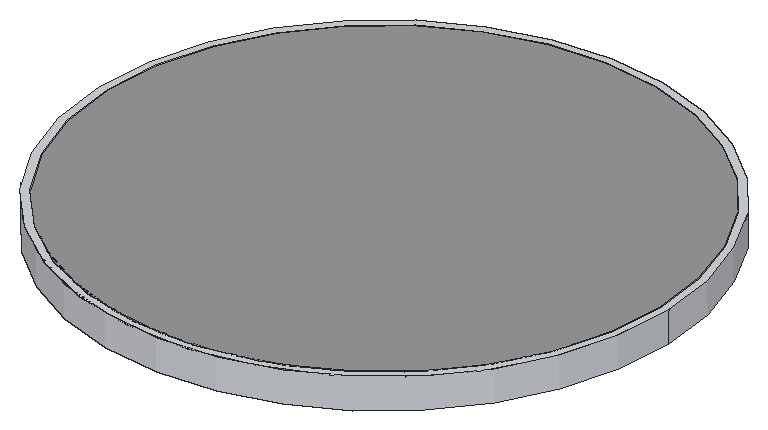
Revit family "2071293", category Lighting Fixtures, host Face, Revit 2018
Family settings
  Host = Face
  Round Connector Dimension = Use Diameter
  Part Type = Junction Box
  OmniClass Number = 23.80.70.00
  OmniClass Title = Lighting
  Cut with Voids When Loaded = No
  Light Source = Yes
  Shared = No
  Room Calculation Point = No
Parameters (values of type "2071293 COLOSSAL 1200 840 PR DIR WHT DALI")
  iner diameter = 1168 mm
  Weight = "n/a"
  Wattage Comments = ""
  Wattage = 30 W
  WarrantyStartDate [instance] = "n/a"
  WarrantyGuarantorParts = "n/a"
  WarrantyDurationUnit = "n/a"
  WarrantyDurationParts = ""
  WarrantyDescription = "http://www.sylvania-lighting.com"
  built-in parameter 1150110 = 1 (stored number, unit not read)
  Voltage = 230 V
  URL = "0.95"
  TypeName = "COLOSSAL 1200mm 840 PRISM DIR WHITE DALI"
  Type Image = <None>
  Type Comments = "n/a"
  built-in parameter 1114217 = 1 (stored number, unit not read)
  Tilt Angle = -90.00°
  built-in parameter 1150109 = 1 (stored number, unit not read)
  built-in parameter 1150134 = (empty or 0)
  built-in parameter 1150113 = 1 (stored number, unit not read)
  SerialNumber [instance] = "n/a"
  Photometric Web File = "2071293.ies"
  Material_3_SYL = LED-Sylvania
  PowerFactor = 0
  PowerConsumption = "Lighting"
  NominalLength = 1168 mm
  NominalHeight = 93 mm
  NominalDepth = 1168 mm
  Name = "COLOSSAL 1200mm 840 PRISM DIR WHITE DALI"
  ModelReference = Name  # "COLOSSAL 1200mm 840 PRISM DIR WHITE DALI"
  ModelNumber = "2071293"
  Model = Name  # "COLOSSAL 1200mm 840 PRISM DIR WHITE DALI"
  Material = "Feilo Sylvania"
  ManufacturerName = "141 lm/W"
  Manufacturer = ""
  LuminousEfficacy = ""
  built-in parameter 1150105 = 270.44 (stored number, unit not read)
  Lumens = 3398.4 lm
  LuminaireType = "0"
  built-in parameter 1150115 = 1 (stored number, unit not read)
  LightOutputRatio = "LED"
  built-in parameter 1150137 = (empty or 0)
  built-in parameter 1150139 = (empty or 0)
  LampsType = Lamp  # "n/a"
  LampNominalLuminous = "4000 K"
  LampMacAdamStep = "80"
  LampColourTemperature = "LED"
  LampColourRenderingIndex = "16500"
  built-in parameter 1150112 = 1 (stored number, unit not read)
  built-in parameter 1150114 = 1 (stored number, unit not read)
  Lamp = "n/a"
  Keynote = "n/a"
  InstallationDate [instance] = "n/a"
  InputVoltage = "0"
  InputNominalFrequency = "4000"
  built-in parameter 1150132 = (empty or 0)
  built-in parameter 1150102 = (empty or 0)
  built-in parameter 1150107 = 3000 (stored number, unit not read)
  built-in parameter 1150138 = (empty or 0)
  IngressProtection = "IfcLightFixtureType"
  ImpactProtectionIndex = "IfcLightFixtureType"
  built-in parameter 1150106 = 2.7044 (stored number, unit not read)
  IfcExportType = "IfcLightFixtureType"
  IfcExportAs = "Class I"
  Emit from Circle Diameter = 385 mm
  Emit Shape Visible in Rendering = no
  ElectricShockClassification = "141"
  built-in parameter 1150104 = 10.524 (stored number, unit not read)
  DocumentationLiterature = "http://www.sylvania-lighting.com/product/en-int/products/2071293"
  DimmingControlOptions = "n/a"
  Material_2_SYL = Polycarbonate_Sylvania_White
  Dimming Lamp Color Temperature Shift = <None>
  Description = "1200mm diameter circular architectural luminaire, can be surface mounted or suspended. Powder coated aluminium housing (RAL9016) with PMMA prismatic diffuser. Direct light distribution, 16510lm luminuous flux, 117.5W system power, 141lm/W luminiaire efficacy. DALI dimmable. Colour rendering index Ra >80, 4000K Neutral White LED, chromaticity tolerance of 3-step MacAdam ellipse. IP40/IP20, IK03. 350mA drive current. UGR≤19. Electrical protection Class1, 220-240V. Reported lifetime 66k hours L90B10."
  Default Elevation = 1219.2 mm
  CreatedOn = "23/03/2022"
  CreatedBy = "@sylvania-lighting.com"
  Cost = 0
  Color Filter = 16777215
  built-in parameter 1114216 [instance] = (empty or 0)
  ClassificationValue = "EF_70_80"
  ClassificationName = "Uniclass2015"
  Material_1_SYL = Polycarbonate_Sylvania_Opal
  BarCode [instance] = "n/a"
  built-in parameter 1114218 = 1 (stored number, unit not read)
  built-in parameter 1150133 = 10 (stored number, unit not read)
  AssetType = "Fixed"
  AssetIdentifier [instance] = "n/a"
  Assembly Code = "D5020200"
  Apparent Load = 117.5 VA
  Material_4_SYL = none
Reference planes
  plane 1 "Center (Front/Back)": y = 0
  plane 2: z = 0
  plane 3 "Center (Left/Right)": x = 0
  plane 4: z = 1.161
  plane 5: z = 16.161
  plane 6: y = 584
  plane 7: y = -584
  plane 8: x = 85
  plane 9: x = -85
  plane 10: through (0, 0, 1219.2) normal (0.5, 0.866, 0)
  plane 11: through (42.5, 73.612, 1219.2) normal (0.5, 0.866, 0)
  plane 12: through (-42.5, -73.612, 1219.2) normal (0.5, 0.866, 0)
  plane 13: through (0, 0, 1219.2) normal (0.5, -0.866, 0)
  plane 14: through (-42.5, 73.612, 1219.2) normal (0.5, -0.866, 0)
  plane 15: through (42.5, -73.612, 1219.2) normal (0.5, -0.866, 0)
  plane 16: z = 93
  plane 17: y = 584
  plane 18: y = -584
  plane 19: y = -429
  plane 20: x = -584
  plane 21: x = 584
Forms (mm)
  Extrusion 1, solid, detail levels medium+fine
    sketch origin (0, 0, 0) x (0.866025, -0.5, 0) y (0.5, 0.866025, 0)
      loop
        circle (-50, 86.603) r 22
    from 0 to 2
  Extrusion 2, solid, detail levels medium+fine
    sketch origin (0, 0, 0) x (0.866025, -0.5, 0) y (0.5, 0.866025, 0)
      loop
        circle (100, 0) r 22
      loop
        circle (-50, -86.603) r 22
    from 0 to 2
  Extrusion 3, solid, detail levels medium+fine
    sketch origin (0, 0, 0) x (1, 0, 0) y (0, 1, 0)
      loop
        circle (0, 0) r 584
    from 30 to 93
  Extrusion 4, void
    sketch origin (0, 0, 0) x (1, 0, 0) y (0, 1, 0)
      loop
        circle (0, 0) r 568
    from 96.588 to 37.292
  Extrusion 5, solid, material "Glass, White, High Luminance", detail levels fine
    sketch origin (0, 0, 0) x (1, 0, 0) y (0, 1, 0)
      loop
        circle (0, 0) r 568
    from 88.022 to 93
  Extrusion 6, solid, detail levels coarse
    sketch origin (0, 0, 0) x (1, 0, 0) y (0, 1, 0)
      loop
        line (-584, 584) -> (-584, -584) -> (584, -584) -> (584, 584) -> (-584, 584)
    from 0 to 93
  Blend 7, solid, detail levels medium+fine
    base sketch origin (-10.814, 11.299, 29.922) x (1, 0, 0) y (0, 1, 0)
      loop
        line (-402.654, -330.622) -> (397.346, -330.622) -> (482.346, -183.398) -> (82.346, 509.423) -> (-87.654, 509.423) -> (-487.654, -183.398) -> (-402.654, -330.622)
    top sketch origin (-10.814, 11.299, 29.922) x (1, 0, 0) y (0, 1, 0)
      loop
        line (-363.391, -306.496) -> (364.632, -306.496) -> (449.632, -159.272) -> (87.132, 468.597) -> (-82.868, 468.597) -> (-445.368, -159.272) -> (-363.391, -306.496)
    from 0 to -30
Cuts and joins
  Extrusion 4 cuts Extrusion 1
  Extrusion 4 cuts Extrusion 2
  Extrusion 4 cuts Extrusion 3
Lines and regions (mm)
  model lines, detail levels medium+fine
    curve 1: circle (0, 0, 0) r 155 normal (0, 0, 1)
  reference lines
    curve 2: circle (0, 0, 0) r 489 normal (0, 0, 1)
    curve 3: circle (0, 0, 0) r 521 normal (0, 0, 1)
    curve 4: line (0, 0, 0) -> (606.218, -350, 0)
    curve 5: line (0, 0, 0) -> (0, 825, 0)
    curve 6: line (0, 0, 0) -> (-623.538, -360, 0)
    curve 7: line (639.013, -270.785, 0) -> (85, 49.075, 0)
    curve 8: line (563.718, -423.612, 0) -> (0, -98.15, 0)
    curve 9: line (85, 49.075, 0) -> (85, 825, 0)
    curve 10: line (-85, 49.075, 0) -> (-85, 825, 0)
    curve 11: line (-85, 49.075, 0) -> (-666.038, -286.388, 0)
    curve 12: line (-581.038, -433.612, 0) -> (0, -98.15, 0)
Dimensions and locks
  plane 4 to level = 1.161 mm
  locked: plane 5 to plane 4 at 15
  "NominalDepth": plane 6 to plane 7
  plane 6 to plane 1 "Center (Front/Back)" to plane 7 = 584 mm, 584 mm
  "NominalHeight": level to plane 16
  equal spacing: plane 17, plane 1 "Center (Front/Back)", plane 18
  "NominalLength": plane 20 to plane 21
  equal spacing: plane 20, plane 3 "Center (Left/Right)", plane 21
  aligned and locked: plane 2 to host face
  aligned and locked: level to host face
  aligned and locked: plane 6 to Extrusion 6
Automatic sketch dimensions
  host sketch curve to host sketch curve = 2438.4 mm  (x2)
  Extrusion 1 sketch curve to plane 3 "Center (Left/Right)" = 0 mm
  Extrusion 1 sketch curve to plane 1 "Center (Front/Back)" = 100 mm
  plane 1 "Center (Front/Back)" to Extrusion 2 sketch curve = 50 mm
  Extrusion 2 sketch curve to plane 3 "Center (Left/Right)" = 86.603 mm
  Extrusion 2 sketch curve to Extrusion 2 sketch curve = 150 mm
  Extrusion 2 sketch curve to Extrusion 2 sketch curve = 86.603 mm
  plane 1 "Center (Front/Back)" to curve 1 = 0 mm
  curve 1 to plane 3 "Center (Left/Right)" = 0 mm
  plane 1 "Center (Front/Back)" to Extrusion 3 sketch curve = 0 mm
  Extrusion 3 sketch curve to plane 3 "Center (Left/Right)" = 0 mm
  plane 1 "Center (Front/Back)" to Extrusion 4 sketch curve = 0 mm
  Extrusion 4 sketch curve to plane 3 "Center (Left/Right)" = 0 mm
  plane 1 "Center (Front/Back)" to Extrusion 5 sketch curve = 0 mm
  Extrusion 5 sketch curve to plane 3 "Center (Left/Right)" = 0 mm
  curve 2 to curve 3 = 0 mm  (x2)
  curve 11 to plane 14 = 0 mm
  curve 6 to plane 13 = 0 mm
  curve 12 to plane 15 = 0 mm
  curve 10 to plane 9 = 0 mm
  curve 12 to plane 3 "Center (Left/Right)" = 0 mm
  plane 1 "Center (Front/Back)" to curve 3 = 0 mm
  curve 3 to plane 3 "Center (Left/Right)" = 0 mm
  curve 7 to plane 8 = 0 mm
  curve 11 to plane 10 = 0 mm
  curve 12 to plane 19 = 4.612 mm
  plane 19 to curve 6 = 69 mm
  plane 19 to curve 11 = 142.612 mm
  plane 19 to curve 8 = 5.388 mm
  plane 19 to curve 4 = 79 mm
  plane 19 to curve 7 = 158.215 mm
  plane 6 to curve 5 = 241 mm
  curve 10 to curve 5 = 0 mm
  curve 5 to curve 9 = 0 mm
  plane 1 "Center (Front/Back)" to curve 6 = 0 mm
  curve 6 to plane 3 "Center (Left/Right)" = 0 mm
  Extrusion 6 sketch curve to plane 7 = 0 mm
  Extrusion 6 sketch curve to plane 6 = 0 mm
  Blend 7 sketch curve to plane 6 = 756.098 mm  (x2)
  Blend 7 sketch curve to Blend 7 sketch curve = 85 mm
  plane 3 "Center (Left/Right)" to Blend 7 sketch curve = 386.532 mm
  plane 8 to Blend 7 sketch curve = 386.532 mm
  Blend 7 sketch curve to plane 6 = 63.278 mm
  Blend 7 sketch curve to plane 6 = 731.972 mm  (x2)
  Blend 7 sketch curve to Blend 7 sketch curve = 81.977 mm
  plane 3 "Center (Left/Right)" to Blend 7 sketch curve = 353.818 mm
  plane 8 to Blend 7 sketch curve = 353.818 mm
  Blend 7 sketch curve to plane 6 = 104.104 mm
  plane 12 to curve 8 = 0 mm
  plane 19 to Blend 7 sketch curve = 109.677 mm
  plane 19 to Blend 7 sketch curve = 133.803 mm
  plane 8 to Extrusion 6 sketch curve = 499 mm
  Extrusion 6 sketch curve to plane 9 = 499 mm
  Blend 7 sketch curve to plane 8 = 13.468 mm
  Blend 7 sketch curve to plane 9 = 13.468 mm
  Blend 7 sketch curve to plane 9 = 328.468 mm
  Blend 7 sketch curve to plane 8 = 8.682 mm
  Blend 7 sketch curve to plane 9 = 8.682 mm
  Blend 7 sketch curve to plane 9 = 289.205 mm
  plane 10 to curve 4 = 0 mm
  plane 11 to curve 7 = 0 mm
  curve 12 to plane 12 = 0 mm
  curve 9 to plane 11 = 0 mm
  radius of Extrusion 1 sketch curve = 22 mm
  radius of Extrusion 2 sketch curve = 22 mm  (x2)
  radius of curve 1 = 155 mm
  radius of Extrusion 3 sketch curve = 584 mm
  radius of Extrusion 4 sketch curve = 568 mm
  radius of Extrusion 5 sketch curve = 568 mm
  radius of curve 2 = 489 mm
  radius of curve 3 = 521 mm
Connectors
  electrical at (0, 0, 30)
    settings: on cut or joined group of Extrusion 3, Extrusion 4, index 1, voltage 0 V, apparent load 0 VA, apparent load phase1 0 VA, apparent load phase2 0 VA, apparent load phase3 0 VA, power factor 1, load classification "Other", number of poles 1, system type 31, power factor state 1, is connector primary yes, connector utility no, sub classification motor no, connector description ""
